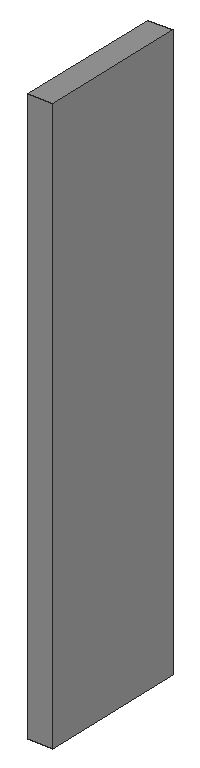
Revit family "PRE080017-FR", category Appareils sanitaires, Revit 2017
Family settings
  Cote de connecteur circulaire = Utiliser le diamètre
  Type d'élément = Normal
  Basée sur le plan de construction = Non
  Toujours verticalement = Oui
  Couper avec des vides une fois chargée = Non
  Partagée = Non
  Point de calcul de pièce = Non
Parameters (values of type "70810 PRESTO CHEF Colonne monotrou sur plage avec douchette")
  Variantes = "70810"
  Product data url = "https://www.bimobject.com/presto/product/pre080017"
  Product Guid = "2828fc0c-25d2-4494-9cdf-a0fff38fd157"
  LC = 15 mm
  Garantie = ""
  URL Fabricant = "http://www.prestodatashare.com/centretelechargement/index.php?lang=FR&refs=70810"
  URL = "http://www.prestodatashare.com/centretelechargement/index.php?lang=FR&refs=70810"
  Lien notice d'utilisation = "http://www.prestodatashare.com/centretelechargement/index.php?lang=FR&refs=70810"
  Lien fiche produit = "http://www.prestodatashare.com/espacedoc/Fiches_Techniques/FR/70810.pdf"
  Reference = "70810"
  Pression = ""
  Polantis code = "PRE080017"
  Perte de charge = 0.0 Pa
  Profondeur = 300 mm
  Modèle = "70810 PRESTO CHEF Colonne monotrou sur plage avec douchette"
  Matériau = Laiton poli chromé
  Lien CCTP = "http://www.prestodatashare.com/centretelechargement/index.php?lang=FR&refs=70810"
  Largeur = 50 mm
  PC = 230 mm
  Hauteur = 1151 mm
  Fonction = "Mitigeur monocommande à cartouche céramique\nDouchette noire M1/2'' avec surface de préhension limitant les risques de brûlure. Débit régulé 12L/min. Jet réglable par l'utilisateur : concentré ou mouillage. Embout\nde douchette anti-tartre. Crochet de blocage pour écoulement continu. Clapet anti-retour intégré.\nRessort de guidage pour flexible en inox\nSupport mural réglable, recoupable de 60 à 200 mm (de la colonne au mur)\nSupport de douchette ajustable : à gauche ou à droite\nHauteur maximale de la fixation: 632 mm\n\nPression d'utilisation recommandée : 1 à 5 bars\n\nDébit de douchette : 12 L/min à 3 bar\n\nAlimentation hydraulique : G 1/2'' (15x 21)\n\nMatière et couleur de finition :\nCorps et colonne en laiton chromé\nCrochet de douchette en Inox\nPoignée et sortie de jet en polymère technique résistant aux chocs, à la température et compatible avec l'eau potable\nMatière conforme avec la liste \"UBA\"\n\nRésistance thermique : Résiste à une température de 75° C durant 30 minutes (dans le cadre de chocs thermiques).\n\nLivré avec :\n1 étrier de fixation\n2 flexibles PEX avec écrou femelle tresse en acier inoxydable G1/2'' Lg 660 mm avec clapets anti-retour NF\n1 flexible (de douchette) tressé inox entouré d'une gaine PVC, résistant à des températures allant jusqu'à 90°C. Température d'utilisation en service à 70°C maximum\nen continu\nClapet anti-retour NF sur la douchette"
  Flux = 0.0316667 L/s
  Finition = "Corps en laiton chromé conforme aux normes NF EN1982/ NF EN 12164 / NF EN 12165\nTraitement de surface Nickel-Chrome selon NF EN12540\nRésistance au brouillard salin neutre (NSS) : 200 h selon NF ISO 9231"
  Fabricant = "LES ROBINETS PRESTO S.A."
  Edition number = 0
  Diamètre Nominal = 15 mm
  Description = "Produit résistant à un usage intensif\nSouplesse du ressort\nDouchette ergonomique avec fonction écoulement continu et surface de préhension limitant les risques de brûlure. Embout permettant d'absorber les chocs. Crochet\nde blocage pour éviter les TMS (troubles musculo squelettiques)\nInterface corps/colonne renforcé\nManette de mitigeage robuste - possibilité de l'installer latéralement\nSupport mural réglable\nFlexible de douchette gaine PVC pour éviter les niches bactériennes et faciliter le nettoyage\nFacilité de maintenance : disponibilité de toutes les pièces d'usure"
  Debit = "1,9l/min avec limiteur de débit intégré\r (sprayer)\r\n Dispositif anti-coup de bélier\r\r\n Brise-jet : anti-vandalisme et anti-bouchage"
  Raccordement = "2xG1/2 couplé dessous milieu"
  Adresse = "7, RUE RACINE - 92542 MONTROUGE CEDEX FRANCE"
Reference planes
  plane 1 "Centre (avant/arrière)": y = 0
  plane 2: z = 0
  plane 3 "Centre (gauche/droite)": x = 0
  plane 4: y = -300
  plane 5: x = 50
  plane 6: z = 1151
  plane 7: x = 25
  plane 8: z = 1
  plane 9: y = -230
  plane 10: x = 15
  plane 11: x = 35
Forms (mm)
  Extrusion 1, solid, material "Laiton poli chromé" <- "Matériau", detail levels fine
    sketch origin (0, 0, 0) x (1, 0, 0) y (0, 1, 0)
      loop
        line (0, 0) -> (0, -300) -> (50, -300) -> (50, 0) -> (0, 0)
    from 0 to 1151
  Extrusion 2, solid, material "Laiton poli chromé" <- "Matériau", detail levels fine
    sketch origin (0, 0, 0) x (1, 0, 0) y (0, 1, 0)
      loop
        circle (15, -230) r 5
    from 0 to 1
  Extrusion 3, solid, material "Laiton poli chromé" <- "Matériau", detail levels fine
    sketch origin (0, 0, 0) x (1, 0, 0) y (0, 1, 0)
      loop
        circle (35, -230) r 5
    from 0 to 1
Cuts and joins
  joined: Extrusion 1, Extrusion 2, Extrusion 3
Dimensions and locks
  "Profondeur": plane 1 "Centre (avant/arrière)" to plane 4
  "Largeur": plane 3 "Centre (gauche/droite)" to plane 5
  "Hauteur": plane 6 to level
  equal spacing: plane 3 "Centre (gauche/droite)", plane 7, plane 5
  locked: plane 8 to plane 2 at 1
  "PC": plane 1 "Centre (avant/arrière)" to plane 9
  "LC": plane 3 "Centre (gauche/droite)" to plane 10
  "LC": plane 11 to plane 5
  aligned and locked: level to plane 2
  aligned and locked: plane 1 "Centre (avant/arrière)" to Extrusion 1 sketch curve
  aligned and locked: plane 3 "Centre (gauche/droite)" to Extrusion 1 sketch curve
  aligned and locked: plane 4 to Extrusion 1 sketch curve
  aligned and locked: plane 5 to Extrusion 1 sketch curve
  aligned and locked: plane 6 to Extrusion 1
  aligned and locked: plane 8 to Extrusion 2
  aligned and locked: plane 8 to Extrusion 3
  aligned and locked: plane 9 to nested 1
  aligned and locked: plane 7 to nested 1
  aligned and locked: plane 6 to nested 2
  aligned and locked: plane 7 to nested 2
  aligned and locked: nested 2 to plane 4
Automatic sketch dimensions
  Extrusion 2 sketch curve to plane 9 = 0 mm
  Extrusion 2 sketch curve to plane 10 = 0 mm
  Extrusion 3 sketch curve to plane 9 = 0 mm
  Extrusion 3 sketch curve to plane 11 = 0 mm
  radius of Extrusion 2 sketch curve = 5 mm
  radius of Extrusion 3 sketch curve = 5 mm
Nested families
  nested 1: "SymboliqueA6" at (0, -230, 0) x (0, 1, 0) z (0, 0, 1), type "SymboliqueA6", detail levels coarse+medium
  nested 2: "S2DA6" at (50, -150, 0) x (0, 1, 0) z (0, 0, 1), type "S2DA6", detail levels coarse+medium
Connectors
  piping at (15, -230, 0), diameter 15, driven by "Diamètre Nominal", driven by "Flux", driven by "Perte de charge"
    settings: on Extrusion 2, index 3, connector inside diameter 609.6 mm, connector length 0 mm, flow factor 0, pipe flow 0.0316667 L/s, pressure drop 0.0 Pa, fitting loss kfactor 0, connector angle 0.00°, fixture units 0, engagement length 0 mm, angle of deflection 0.00°, flow configuration 0, flow direction 1, fitting loss method 4, system type 19, joint type 0, gender type 0, connector reference index -1, connector utility 0, adjustable connector no, is connector primary yes, connector description ""
  piping at (35, -230, 0), diameter 15, driven by "Flux", driven by "Perte de charge", driven by "Diamètre Nominal"
    settings: on Extrusion 3, index 4, connector inside diameter 609.6 mm, connector length 0 mm, flow factor 0, pipe flow 0.0316667 L/s, pressure drop 0.0 Pa, fitting loss kfactor 0, connector angle 0.00°, fixture units 0, engagement length 0 mm, angle of deflection 0.00°, flow configuration 0, flow direction 1, fitting loss method 4, system type 20, joint type 0, gender type 0, connector reference index -1, connector utility 0, adjustable connector no, is connector primary no, connector description ""
Definition of nested family "SymboliqueA6"
  Parameters (values of type "SymboliqueA6")
    V = yes
    P = 1000 mm
    L = 1000 mm
    H = 1000 mm
  Reference planes
    plane 1 "Centre (avant/arrière)": y = 0
    plane 2: z = 0
    plane 3 "Centre (gauche/droite)": x = 0
    plane 4: y = -1000
    plane 5: x = -500
    plane 6: x = 500
    plane 7: z = 1000
    plane 8: z = 500
    plane 9: y = -500
  Lines and regions (mm)
    model lines
      curve 1: line (0, -1000, 1000) -> (0, 0, 0)
      curve 2: line (0, 0, 0) -> (0, -1000, 0)
      curve 3: line (0, -1000, 0) -> (0, 0, 1000)
      curve 4: line (0, 0, 1000) -> (0, -1000, 1000)
  Dimensions and locks
    "H": plane 7 to plane 2
    equal spacing: plane 5, plane 3 "Centre (gauche/droite)", plane 6
    "L": plane 5 to plane 6
    equal spacing: plane 7, plane 8, level
    equal spacing: plane 4, plane 9, plane 1 "Centre (avant/arrière)"
    "P": plane 1 "Centre (avant/arrière)" to plane 4
    aligned and locked: level to plane 2
  Automatic sketch dimensions
    curve 3 to level = 0 mm
    curve 1 to plane 1 "Centre (avant/arrière)" = 0 mm
    curve 1 to plane 7 = 0 mm
    curve 3 to plane 4 = 0 mm
    curve 3 to plane 1 "Centre (avant/arrière)" = 0 mm
    curve 4 to plane 4 = 0 mm
Definition of nested family "S2DA6"
  Parameters (values of type "S2DA6")
    P = 788.322 mm
    L = 1600 mm
    H = 1250.021 mm
  Reference planes
    plane 1 "Centre (avant/arrière)": y = 0
    plane 2: z = 0
    plane 3 "Centre (gauche/droite)": x = 0
    plane 4: y = 788.322
    plane 5: x = -800
    plane 6: x = 800
    plane 7: y = 394.161
    plane 8: z = 1250.021
    plane 9: z = 625.01
  Lines and regions (mm)
    symbolic lines
      curve 1: line (-800, 788.322, 0) -> (800, 0, 0)
      curve 2: line (800, 0, 0) -> (800, 788.322, 0)
      curve 3: line (800, 788.322, 0) -> (-800, 0, 0)
      curve 4: line (-800, 0, 0) -> (-800, 788.322, 0)
      curve 5: line (800, 0, 1250.021) -> (-800, 0, 1250.021)
      curve 6: line (-800, 0, 1250.021) -> (800, 0, 0)
      curve 7: line (800, 0, 0) -> (-800, 0, 0)
      curve 8: line (800, 0, 1250.021) -> (-800, 0, 0)
      curve 9: line (0, 788.322, 0) -> (0, 0, 1250.021)
      curve 10: line (0, 0, 1250.021) -> (0, 788.322, 1250.021)
      curve 11: line (0, 788.322, 1250.021) -> (0, 0, 0)
      curve 12: line (0, 0, 0) -> (0, 788.322, 0)
  Dimensions and locks
    equal spacing: plane 5, plane 3 "Centre (gauche/droite)", plane 6
    equal spacing: plane 1 "Centre (avant/arrière)", plane 7, plane 4
    "P": plane 1 "Centre (avant/arrière)" to plane 4
    "L": plane 5 to plane 6
    equal spacing: plane 8, plane 9, level
    "H": plane 8 to plane 2
    aligned and locked: level to plane 2
  Automatic sketch dimensions
    plane 1 "Centre (avant/arrière)" to curve 3 = 0 mm
    curve 1 to plane 4 = 0 mm
    curve 3 to plane 4 = 0 mm
    plane 1 "Centre (avant/arrière)" to curve 2 = 0 mm
    curve 3 to plane 6 = 0 mm
    curve 4 to plane 5 = 0 mm
    curve 10 to plane 1 "Centre (avant/arrière)" = 0 mm
    curve 10 to plane 8 = 0 mm
    curve 11 to plane 4 = 0 mm
    curve 12 to level = 0 mm
    curve 12 to plane 1 "Centre (avant/arrière)" = 0 mm
    curve 12 to plane 4 = 0 mm
    plane 5 to curve 5 = 0 mm
    curve 8 to level = 0 mm
    plane 5 to curve 8 = 0 mm
    plane 6 to curve 7 = 0 mm
    plane 6 to curve 8 = 0 mm
    curve 6 to plane 8 = 0 mm
